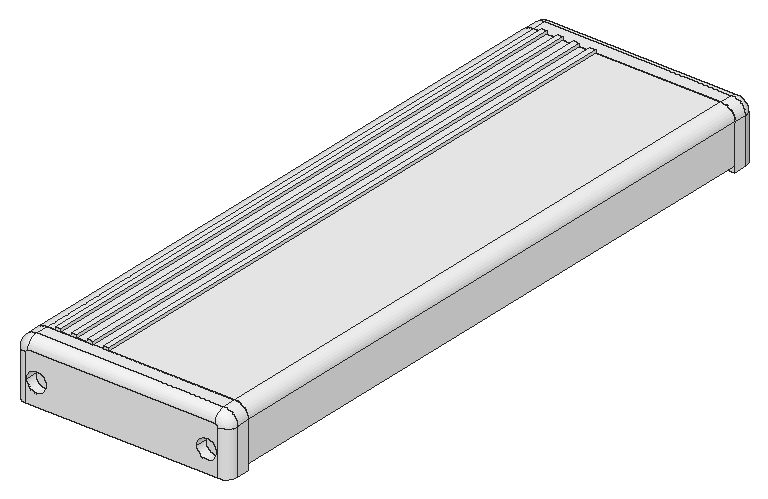
Revit family "JC KONTAKTER JCK218 DE", category Specialty Equipment, host Face, Revit 2025
Family settings
  Host = Face
  Round Connector Dimension = Use Diameter
  Part Type = Normal
  Enable Cutting in Views = Yes
  Cut with Voids When Loaded = No
  Maintain Annotation Orientation = Yes
  Shared = No
  Room Calculation Point = No
Parameters (values of type "JCK218")
  URL = "https://grossflaechentaster.de/produkt/grossflachentaster-metall/grossflachentaster-jck218/"
  Technisches Produktblatt = "https://grossflaechentaster.de/wp-content/uploads/sites/3/Technisches-Produktdatenblatt_JCK218_DE.pdf"
  Produktgewicht = "0.305 kg."
  Nomineller nennstrom = "12 V - Resistive 6A Inductive L/R 5ms 6A, 24 V - Resistive 6A Inductive L/R 5ms 5A"
  Model = "JCK218"
  Mikroschalter = "Standard NO IP67"
  Manufacturer = "JC kontakter"
  Kern = Aluminum 6060-T6
  Herstellungsland = "Schweden"
  Geringster nennstrom = "1mA/4 V DC"
  Endkappen = POM kunststoff (weiss)
  Description = "Großflächentaster aus weißeloxiertes Aluminium mit weißen Kunststoff-Endkappen. Die vier Tastlinien auf der Tastfläche zeigen an, wo der Taster zum Aktivieren der Türöffnung gedrückt werden muss. Mit einem feuchtigkeitsgeschützten Mikroschalter der IP-Klasse 67 ausgestattet. Für den Einsatz in Innen- und Außenbereichen geeignet."
  Default Elevation = 800 mm
  Deckel = Aluminum 6060-T6 (weiss)
  CE-kennzeichnung = "https://jckontakter.se/wp-content/uploads/CE_Dokument.pdf"
  Anzahl der mikroschalter = 1
Reference planes
  plane 1 "Center (Front/Back)": y = 0
  plane 2: z = 0
  plane 3 "Center (Left/Right)": x = 0
  plane 4 "A": y = -122.5
Lines and regions (mm)
  symbolic lines
    curve 1: line (-50, 0, 50) -> (50, 0, 50)
    curve 2: line (-50, 0, 0) -> (-50, 0, 50)
    curve 3: line (50, 0, 0) -> (-50, 0, 0)
    curve 4: line (50, 0, 50) -> (50, 0, 0)
    curve 5: line (-40, 122.5, 0) -> (40, 122.5, 0)
    curve 6: line (-40, -122.5, 0) -> (-40, 122.5, 0)
    curve 7: line (40, -122.5, 0) -> (-40, -122.5, 0)
    curve 8: line (40, 122.5, 0) -> (40, -122.5, 0)
Text (mm)
  text "Entfernen Sie diesen Text vor der Verwendung.\n\nPlatzierungsanweisungen:\n\n1. In das Projekt laden.\n2. Bewegen Sie den Mauszeiger über die Fläche, auf der die Familie platziert werden soll.\n3. Wenn die Familie gedreht angezeigt wird, aktivieren Sie die Option „Nach Platzierung drehen.\n4. Klicken Sie auf die gewünschte Fläche.\n5. Geben Sie den gewünschten Winkel ein.\n6. Drücken Sie die Eingabetaste." at (123.173, 1072.34, 0), in view "Ref. Level"
Dimensions and locks
  aligned and locked: plane 2 to host face
  aligned and locked: level to host face
Nested families
  nested 1: "AK_218" at (0, -122.5, 0) x (1, 0, 0) z (0, 1, 0), type "AK_218"
Definition of nested family "AK_218"
  Parameters (values of type "AK_218")
    Default Elevation = 1219.2 mm
    Core Finish = none
    URL = "https://jckontakter.se/produkt/armbagskontakter-metall/armbagskontakt-i-aluminium-jck218/"
    Model = "JCK218"  # constant formula
    Manufacturer = "JC Kontakter"  # constant formula
    Lid Finish = none
    End Cap Finish = none
    Description = "JCK218 tillhör en serie armbågskontakter som har en plan tryckyta med fyra taktila rillor i. Rillorna fungerar som extra vägledning för personer med synnedsättning. Man kan enkelt känna sig till vart man ska trycka för att aktivera dörröppning. JCK218 är tillverkad i vitlackad aluminium och har vita endcaps. Den levereras med 1st mikrobrytare i IP67, men går även att beställa med fler."  # constant formula
  Reference planes
    plane 1 "Center (Front/Back)": y = 0
    plane 2: z = 0
    plane 3 "Center (Left/Right)": x = 0
    plane 4 "1": x = 40
    plane 5 "A": z = 9
    plane 6 "B": z = 236
  Forms (mm)
    Extrusion 1, solid, material <- "Core Finish"
      sketch origin (40, 0, 9) x (1, 0, 0) y (0, 1, 0)
        loop
          line (-80, 0) -> (-80, -1.2) -> (-75, -1.2) -> (-75, -8.75) -> (-73.2, -8.75) -> (-73.2, -1.2) -> (-11.2, -1.2) -> (-11.2, -8.75) -> (-2.249, -8.75)
          arc (-2.249, -8.75) -> (-3.331, -3.54) -> (-8.11, -1.2) r 6.05
          line (-8.11, -1.2) -> (-5.54, -1.2) -> (-5.54, 0) -> (-80, 0)
      from 0 to 227
    Extrusion 2, solid, material <- "Lid Finish"
      sketch origin (-40, 0, 9) x (-1, 0, 0) y (0, -1, 0)
        loop
          line (-3.92, 11.41) -> (-0.92, 6.4) -> (0, 6.4) -> (0, 16.83)
          arc (0, 16.83) -> (-1.464, 20.366) -> (-5, 21.83) r 5
          line (-5, 21.83) -> (-8, 21.83) -> (-8, 22.83) -> (-10, 22.83) -> (-10, 21.83) -> (-14, 21.83) -> (-14, 22.83) -> (-16, 22.83) -> (-16, 21.83) -> (-20, 21.83) -> (-20, 22.83) -> (-22, 22.83) -> (-22, 21.83) -> (-26, 21.83) -> (-26, 22.83) -> (-28, 22.83) -> (-28, 21.83) -> (-75, 21.83)
          arc (-75, 21.83) -> (-78.536, 20.366) -> (-80, 16.83) r 5
          line (-80, 16.83) -> (-80, 2.38) -> (-78.4, 2.38) -> (-78.4, 11.41) -> (-3.92, 11.41)
      from 0 to 227
    Extrusion 3, solid, material <- "End Cap Finish"
      sketch origin (-40, 0, 0) x (1, 0, 0) y (0, 1, 0)
        loop
          arc (0, -16.83) -> (1.464, -20.366) -> (5, -21.83) r 5
          line (5, -21.83) -> (75, -21.83)
          arc (75, -21.83) -> (78.536, -20.366) -> (80, -16.83) r 5
          line (80, -16.83) -> (80, 0) -> (0, 0) -> (0, -16.83)
      from 0 to 9
    Sweep 4, void
      path origin (0, 0, 0) x (1, 0, 0) y (0, 1, 0)
        loop
          line (42, 0) -> (42, -16.83)
          arc (42, -16.83) -> (39.95, -21.78) -> (35, -23.83) r 7
          line (35, -23.83) -> (-35, -23.83)
          arc (-35, -23.83) -> (-39.95, -21.78) -> (-42, -16.83) r 7
          line (-42, -16.83) -> (-42, 0)
      profile origin (0, -23.83, 0) x (0, -1, 0) y (0, 0, 1)
        loop
          line (-1, 4) -> (-2, 4)
          arc (-2, 4) -> (-3.172, 1.172) -> (-6, 0) r 4
          line (-6, 0) -> (-6, -1) -> (-1, -1) -> (-1, 4)
    Extrusion 5, solid, material <- "End Cap Finish"
      sketch origin (0, 0, 236) x (-1, 0, 0) y (0, -1, 0)
        loop
          arc (40, 16.83) -> (38.536, 20.366) -> (35, 21.83) r 5
          line (35, 21.83) -> (-35, 21.83)
          arc (-35, 21.83) -> (-38.536, 20.366) -> (-40, 16.83) r 5
          line (-40, 16.83) -> (-40, 0) -> (40, 0) -> (40, 16.83)
      from 0 to 9
    Sweep 6, void
      path origin (0, 0, 236) x (-1, 0, 0) y (0, -1, 0)
        loop
          line (-42, 0) -> (-42, 16.83)
          arc (-42, 16.83) -> (-39.95, 21.78) -> (-35, 23.83) r 7
          line (-35, 23.83) -> (35, 23.83)
          arc (35, 23.83) -> (39.95, 21.78) -> (42, 16.83) r 7
          line (42, 16.83) -> (42, 0)
      profile origin (0, -23.83, 236) x (0, -1, 0) y (0, 0, 1)
        loop
          line (-1, 5) -> (-1, 10) -> (-6, 10) -> (-6, 9)
          arc (-6, 9) -> (-3.172, 7.828) -> (-2, 5) r 4
          line (-2, 5) -> (-1, 5)
    Extrusion 7, void
      sketch origin (0, 0, 0) x (1, 0, 0) y (0, 1, 0)
        loop
          circle (-31.75, -8.25) r 3.75
        loop
          circle (31.75, -8.25) r 3.75
      from 0 to 4
  Cuts and joins
    Sweep 4, Sweep 6, Extrusion 7 cuts Extrusion 3
    Sweep 6 cuts Extrusion 5
  Dimensions and locks
    aligned and locked: level to plane 2
